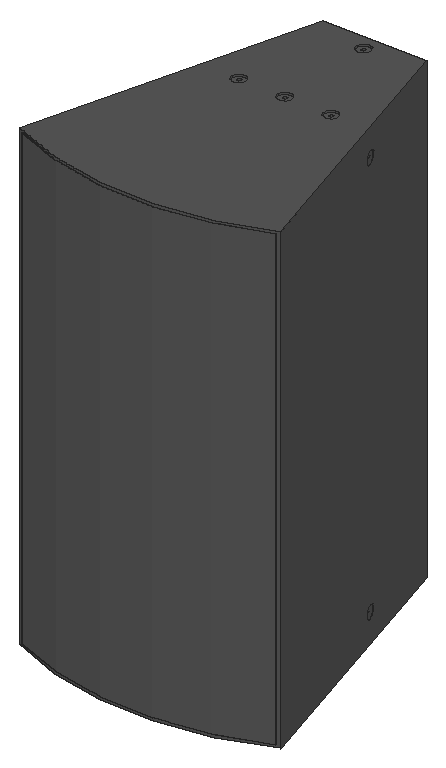
Revit family "1Electronics_Community-Point-Source_Biamp_IP8_1153WR", category Communication Devices, host Face, Revit 2020
Family settings
  Host = Face
  Maintain Annotation Orientation = No
  Round Connector Dimension = Use Diameter
  Part Type = Normal
  OmniClass Number = 23.85.10.11.14.14.14
  OmniClass Title = Loudspeakers
  Cut with Voids When Loaded = No
  Shared = No
  Room Calculation Point = No
Parameters (values of type "Please download type catalogue!")
  Width = 1' - 10 13/128"  # constant formula
  Weight = 105.00 lbf  # constant formula
  URL = "https://www.biamp.com/"
  Transducers = "LF – 1 x 15 (381mm) neodymium motor woofer, 3 (76mm) voice coil, demodulation ring; MF - M200HP, 2 exit, ketone polymer diaphragm, compression driver; HF – 1 x 1.4 (36mm) exit neodymium compression driver, 2.6 (66mm) voice coil, demodulation ring, ketone polymer diaphragm"  # constant formula
  Shipping Weight = 124.00 lbf  # constant formula
  Recommended Amplifiers = "LF - 600W - 1200W @ 8 ohms, (69V - 98V); MF - 150W - 300W @ 8 ohms (35V - 49V); HF - 125W - 250W @ 8 ohms (32V - 45V); MF/HF - 275W - 550W @ 8 ohms (47V - 66V)"  # constant formula
  Product data url = "https://www.bimobject.com/biamp/product/ip8-1153wr_community-point-source"
  Product Page URL = "https://www.biamp.com/products/product-families/community/point-source#ip8-1153wr"
  Product Documentation Link = "https://www.biamp.com/products/product-families/community/point-source#ip8-1153wr"
  Operating Range = ""
  Operating Mode = "Biamp or Triamp with DSP"  # constant formula
  Operating Environment = "Weather-Resistant Outdoor"  # constant formula
  Nominal Sensitivity = ""
  Nominal Maximum SPL (Whole Space) = ""
  Nominal Beamwidth (H x V) = ""
  Mounting Points = "15"  # constant formula
  Model = ""
  Manufacturer = "Biamp"  # constant formula
  Input Connection = "Screw terminal blocks (6-position)"  # constant formula
  Housing Material = Biamp - Plastic - Black
  Height = 3' - 3"  # constant formula
  Gril Material = Biamp - Plastic - Black(Grid)
  Equalized Sensitivity = "1W: 93 dB - 2.83V: 93 dB"  # constant formula
  Equalized Maximum SPL = "Peak: 127 dB - Continuous: 121 dB"  # constant formula
  Environmental = " IP55W per IEC 60529 "  # constant formula
  Description = "IP8-1153WR High Power 15-Inch Three-Way Weather-Resistant Installation Loudspeaker"  # constant formula
  Depth = 2' - 2.29921"  # constant formula
  Default Elevation = 4' - 0"
  Continuous Power Handling  Nominal Impedance = "LF - 69V, 600W @ 8 ohms (2400W peak); MF - 35V, 150W @ 8 ohms (600W peak); HF - 32V, 125W @ 8 ohms (500W peak); MF/HF - 47V, 275W @ 8 ohms (1100W peak)"  # constant formula
Reference planes (in)
  plane 1 "Center (Front/Back)": y = 0
  plane 2: z = 0
  plane 3 "Center (Left/Right)": x = 0
Forms (in)
  Extrusion 1, solid, material "Biamp - Plastic - Black" <- "Housing Material", detail levels medium+fine
    sketch origin (0.03766, 0, 0) x (1, 0, 0) y (0, 1, 0)
      loop
        arc (-11.08671, -14.10519) -> (-0.06069, -16.70647) -> (11.01234, -14.31325) r 25.69511
        line (11.01234, -14.31325) -> (4.20482, 9.59333) -> (-4.5268, 9.59333) -> (-11.08671, -14.10519)
    from 0 to 39
  Extrusion 2, void
    sketch origin (0.03766, -0.14197, 0) x (1, 0, 0) y (0, 1, 0)
      loop
        arc (10.67397, -14.10978) -> (-0.0608, -16.36764) -> (-10.75079, -13.90642) r 25.49826
        line (-10.75079, -13.90642) -> (-10.80409, -14.099)
        arc (-10.80409, -14.099) -> (-0.06001, -16.5645) -> (10.72846, -14.30115) r 25.69511
        line (10.72846, -14.30115) -> (10.67397, -14.10978)
    from 0.19685 to 38.80315
  Extrusion 3, void
    sketch origin (0, 0, 39) x (0, 1, 0) y (1, 0, 0)
      loop
        circle (0, -3.88574) r 0.59055
      loop
        circle (0, 0) r 0.59055
      loop
        circle (0, 3.88574) r 0.59055
      loop
        circle (8.26772, 0) r 0.59055
    from 0.09843 to 0
  Extrusion 4, void
    sketch origin (0, 0, 39) x (0, 1, 0) y (1, 0, 0)
      loop
        circle (0, -3.88574) r 0.15748
      loop
        circle (0, 0) r 0.15748
      loop
        circle (0, 3.88574) r 0.15748
      loop
        circle (8.26772, 0) r 0.15748
    from 0.19685 to 0.09843
  Extrusion 5, void
    sketch origin (4.55687, 8.48925, -0.11969) x (-0.273868, 0.961767, 0) y (0, 0, -1)
      loop
        circle (-8.43473, -2.47439) r 0.59055
      loop
        circle (-8.43473, -36.76499) r 0.59055
    from 0 to 0.09843
  Extrusion 6, void
    sketch origin (4.55687, 8.48925, -0.11969) x (-0.273868, 0.961767, 0) y (0, 0, -1)
      loop
        circle (-8.43473, -2.47439) r 0.15748
      loop
        circle (-8.43473, -36.76499) r 0.15748
    from 0.09843 to 0.19685
  Extrusion 7, void
    sketch origin (-9.29784, -7.77869, -0.01138) x (-0.266775, -0.963759, 0) y (0, 0, -1)
      loop
        circle (-8.58908, -2.3454) r 0.59055
      loop
        circle (-8.58908, -36.67736) r 0.59055
    from 0 to 0.09843
  Extrusion 8, void
    sketch origin (-9.29784, -7.77869, -0.01138) x (-0.266775, -0.963759, 0) y (0, 0, -1)
      loop
        circle (-8.58908, -2.3454) r 0.15748
      loop
        circle (-8.58908, -36.67736) r 0.15748
    from 0.09843 to 0.19685
  Extrusion 9, solid, material "Biamp - Plastic - Black(Grid)" <- "Gril Material", detail levels medium+fine
    sketch origin (0.03766, -0.14197, 0) x (1, 0, 0) y (0, 1, 0)
      loop
        arc (-10.80409, -14.099) -> (-0.06001, -16.5645) -> (10.72846, -14.30115) r 25.69511
        line (10.72846, -14.30115) -> (10.67397, -14.10978)
        arc (10.67397, -14.10978) -> (-0.0608, -16.36764) -> (-10.75079, -13.90642) r 25.49826
        line (-10.75079, -13.90642) -> (-10.80409, -14.099)
    from 0.19685 to 38.80315
  Extrusion 10, void
    sketch origin (-2.65672, 9.59333, 0) x (-1, 0, 0) y (0, 0, -1)
      loop
        circle (-2.65672, -19.5) r 0.59055
      loop
        circle (-2.65672, -2.39197) r 0.59055
      loop
        circle (-2.65672, -36.60803) r 0.59055
    from 0 to 0.09843
  Extrusion 11, void
    sketch origin (-2.65672, 9.59333, 0) x (-1, 0, 0) y (0, 0, -1)
      loop
        circle (-2.65672, -19.4623) r 0.15748
      loop
        circle (-2.65672, -2.39197) r 0.15748
      loop
        circle (-2.65672, -36.60803) r 0.15748
    from 0 to 0.19685
  Extrusion 12, void
    sketch origin (-2.65672, 9.59333, 0) x (-1, 0, 0) y (0, 0, -1)
      loop
        line (-4.83035, -12.09383) -> (-0.49964, -12.09383) -> (-0.49964, -5.00722) -> (-4.83035, -5.00722) -> (-4.83035, -12.09383)
    from 0 to 0.19685
  Extrusion 13, solid, material "Biamp - Plastic - Black" <- "Housing Material", detail levels medium+fine
    sketch origin (-2.65672, 9.59333, 0) x (1, 0, 0) y (0, 0, -1)
      loop
        line (0.49964, -12.09383) -> (4.83035, -12.09383) -> (4.83035, -5.00722) -> (0.49964, -5.00722) -> (0.49964, -12.09383)
    from 0 to -0.19685
  Extrusion 14, solid, material "Biamp - Plastic - Black" <- "Housing Material", detail levels coarse
    sketch origin (0.03766, 0, 0) x (1, 0, 0) y (0, 1, 0)
      loop
        line (-4.5268, 9.59333) -> (-11.08671, -14.1052)
        arc (-11.08671, -14.1052) -> (-0.06069, -16.70647) -> (11.01235, -14.31325) r 25.69511
        line (11.01235, -14.31325) -> (4.20482, 9.59333) -> (-4.5268, 9.59333)
    from 0 to 39
  Extrusion 15, solid, material "Biamp - Plastic - Black" <- "Housing Material", detail levels medium+fine
    sketch origin (-2.65672, 9.59333, 0) x (1, 0, 0) y (0, 0, -1)
      loop
        line (4.46661, -11.73413) -> (4.46661, -11.23413) -> (3.96661, -11.23413) -> (3.96661, -11.73413) -> (4.46661, -11.73413)
    from 0 to 0.00716
  Extrusion 16, solid, material "Biamp - Plastic - Black" <- "Housing Material", detail levels medium+fine
    sketch origin (-3.77108, 9.59333, -1) x (1, 0, 0) y (0, 0, -1)
      loop
        line (4.46661, -11.73413) -> (4.46661, -11.23413) -> (3.96661, -11.23413) -> (3.96661, -11.73413) -> (4.46661, -11.73413)
    from 0 to 0.00716
  Extrusion 17, solid, material "Biamp - Plastic - Black" <- "Housing Material", detail levels medium+fine
    sketch origin (-2.65672, 9.59333, -1) x (1, 0, 0) y (0, 0, -1)
      loop
        line (4.46661, -11.73413) -> (4.46661, -11.23413) -> (3.96661, -11.23413) -> (3.96661, -11.73413) -> (4.46661, -11.73413)
    from 0 to 0.00716
Cuts and joins
  Extrusion 2, Extrusion 3, Extrusion 4, Extrusion 5, Extrusion 6, Extrusion 7, Extrusion 8, Extrusion 10, Extrusion 11, Extrusion 12 cuts Extrusion 1
Lines and regions (in)
  Masking region 1
    outline origin (0.03766, 0, 0) x (1, 0, 0) y (0, 1, 0)
      loop
        line (-4.5268, 9.59333) -> (-11.08671, -14.10519)
        arc (-11.08671, -14.10519) -> (-0.06069, -16.70647) -> (11.01234, -14.31325) r 25.69511
        line (11.01234, -14.31325) -> (4.20482, 9.59333) -> (-4.5268, 9.59333)
  Masking region 2
    outline origin (0, 0, 0) x (1, 0, 0) y (0, 0, 1)
      loop
        line (-11.05208, 39) -> (-11.05208, 0) -> (11.01841, 0) -> (11.01841, 39) -> (-11.05208, 39)
  Masking region 3, detail levels medium+fine
    outline origin (0, 0, 0) x (1, 0, 0) y (0, 0, 1)
      loop
        line (-10.81851, 38.80315) -> (-10.81851, 0.19685) -> (10.78264, 0.19685) -> (10.78264, 38.80315) -> (-10.81851, 38.80315)
  Masking region 4
    outline origin (0, 0, 0) x (0, 1, 0) y (0, 0, 1)
      loop
        line (9.59333, 39) -> (-14.16846, 39) -> (-14.16846, 0) -> (9.59333, 0) -> (9.59333, 39)
  Masking region 5
    outline origin (0, 0, 0) x (0, 1, 0) y (0, 0, 1)
      loop
        line (-14.16846, 39) -> (-16.53543, 39) -> (-16.53543, 0) -> (-14.16846, 0) -> (-14.16846, 39)
  symbolic lines, detail levels medium+fine
    curve 1: arc (-0.59055, 8.26772, 0) -> (0, 7.67717, 0) -> (0.59055, 8.26772, 0) r 0.59055
    curve 2: arc (0.59055, 8.26772, 0) -> (0, 8.85827, 0) -> (-0.59055, 8.26772, 0) r 0.59055
    curve 3: arc (-0.59055, 0, 0) -> (0, -0.59055, 0) -> (0.59055, 0, 0) r 0.59055
    curve 4: arc (0.59055, 0, 0) -> (0, 0.59055, 0) -> (-0.59055, 0, 0) r 0.59055
    curve 5: arc (-3.29519, 0, 0) -> (-3.88574, 0.59055, 0) -> (-4.47629, 0, 0) r 0.59055
    curve 6: arc (-4.47629, 0, 0) -> (-3.88574, -0.59055, 0) -> (-3.29519, 0, 0) r 0.59055
    curve 7: arc (3.29519, 0, 0) -> (3.88574, -0.59055, 0) -> (4.47629, 0, 0) r 0.59055
    curve 8: arc (4.47629, 0, 0) -> (3.88574, 0.59055, 0) -> (3.29519, 0, 0) r 0.59055
    curve 9: arc (-0.15748, 0, 0) -> (0, -0.15748, 0) -> (0.15748, 0, 0) r 0.15748
    curve 10: arc (0.15748, 0, 0) -> (0, 0.15748, 0) -> (-0.15748, 0, 0) r 0.15748
    curve 11: arc (-4.04322, 0, 0) -> (-3.88574, -0.15748, 0) -> (-3.72826, 0, 0) r 0.15748
    curve 12: arc (-3.72826, 0, 0) -> (-3.88574, 0.15748, 0) -> (-4.04322, 0, 0) r 0.15748
    curve 13: arc (4.04322, 0, 0) -> (3.88574, 0.15748, 0) -> (3.72826, 0, 0) r 0.15748
    curve 14: arc (3.72826, 0, 0) -> (3.88574, -0.15748, 0) -> (4.04322, 0, 0) r 0.15748
    curve 15: arc (0.15748, 8.26772, 0) -> (0, 8.4252, 0) -> (-0.15748, 8.26772, 0) r 0.15748
    curve 16: arc (-0.15748, 8.26772, 0) -> (0, 8.11024, 0) -> (0.15748, 8.26772, 0) r 0.15748
    curve 17: spline (0, -0.08334, 2.33402) -> (0, -0.06394, 2.48687) -> (0, -0.00708, 2.62929) -> (0, 0.08336, 2.7516) -> (0, 0.20124, 2.84545) -> (0, 0.33851, 2.90445) -> (0, 0.48581, 2.92457) -> (0, 0.63312, 2.90445) -> (0, 0.77039, 2.84545) -> (0, 0.88826, 2.7516) -> (0, 0.97871, 2.62929) -> (0, 1.03557, 2.48687) -> (0, 1.05496, 2.33402)
    curve 18: spline (0, 1.05496, 2.33402) -> (0, 1.03557, 2.18117) -> (0, 0.97871, 2.03874) -> (0, 0.88826, 1.91644) -> (0, 0.77039, 1.82259) -> (0, 0.63312, 1.76359) -> (0, 0.48581, 1.74347) -> (0, 0.33851, 1.76359) -> (0, 0.20124, 1.82259) -> (0, 0.08336, 1.91644) -> (0, -0.00708, 2.03874) -> (0, -0.06394, 2.18117) -> (0, -0.08334, 2.33402)
    curve 19: spline (0, 0.61133, 2.33402) -> (0, 0.60616, 2.29326) -> (0, 0.59099, 2.25528) -> (0, 0.56688, 2.22266) -> (0, 0.53544, 2.19764) -> (0, 0.49884, 2.18191) -> (0, 0.45956, 2.17654) -> (0, 0.42027, 2.18191) -> (0, 0.38367, 2.19764) -> (0, 0.35224, 2.22266) -> (0, 0.32812, 2.25528) -> (0, 0.31295, 2.29326) -> (0, 0.30778, 2.33402)
    curve 20: spline (0, 0.30778, 2.33402) -> (0, 0.31295, 2.37478) -> (0, 0.32812, 2.41276) -> (0, 0.35224, 2.44537) -> (0, 0.38367, 2.4704) -> (0, 0.42027, 2.48613) -> (0, 0.45956, 2.4915) -> (0, 0.49884, 2.48613) -> (0, 0.53544, 2.4704) -> (0, 0.56688, 2.44537) -> (0, 0.59099, 2.41276) -> (0, 0.60616, 2.37478) -> (0, 0.61133, 2.33402)
    curve 21: spline (0, -0.08334, 36.66598) -> (0, -0.06394, 36.51313) -> (0, -0.00708, 36.37071) -> (0, 0.08336, 36.2484) -> (0, 0.20124, 36.15455) -> (0, 0.33851, 36.09555) -> (0, 0.48581, 36.07543) -> (0, 0.63312, 36.09555) -> (0, 0.77039, 36.15455) -> (0, 0.88826, 36.2484) -> (0, 0.97871, 36.37071) -> (0, 1.03557, 36.51313) -> (0, 1.05496, 36.66598)
    curve 22: spline (0, 1.05496, 36.66598) -> (0, 1.03557, 36.81883) -> (0, 0.97871, 36.96126) -> (0, 0.88826, 37.08356) -> (0, 0.77039, 37.17741) -> (0, 0.63312, 37.23641) -> (0, 0.48581, 37.25653) -> (0, 0.33851, 37.23641) -> (0, 0.20124, 37.17741) -> (0, 0.08336, 37.08356) -> (0, -0.00708, 36.96126) -> (0, -0.06394, 36.81883) -> (0, -0.08334, 36.66598)
    curve 23: spline (0, 0.61133, 36.66598) -> (0, 0.60616, 36.70674) -> (0, 0.59099, 36.74472) -> (0, 0.56688, 36.77734) -> (0, 0.53544, 36.80236) -> (0, 0.49884, 36.81809) -> (0, 0.45956, 36.82346) -> (0, 0.42027, 36.81809) -> (0, 0.38367, 36.80236) -> (0, 0.35224, 36.77734) -> (0, 0.32812, 36.74472) -> (0, 0.31295, 36.70674) -> (0, 0.30778, 36.66598)
    curve 24: spline (0, 0.30778, 36.66598) -> (0, 0.31295, 36.62522) -> (0, 0.32812, 36.58724) -> (0, 0.35224, 36.55463) -> (0, 0.38367, 36.5296) -> (0, 0.42027, 36.51387) -> (0, 0.45956, 36.5085) -> (0, 0.49884, 36.51387) -> (0, 0.53544, 36.5296) -> (0, 0.56688, 36.55463) -> (0, 0.59099, 36.58724) -> (0, 0.60616, 36.62522) -> (0, 0.61133, 36.66598)
Dimensions and locks (in)
  aligned and locked: plane 2 to host face
  aligned and locked: level to host face
Connectors (in)
  electrical at (1.55989, 9.60048, 11.48413)
    settings: on Extrusion 15, index 1, voltage 69 V, apparent load 0 VA, apparent load phase1 2400 VA, apparent load phase2 0 VA, apparent load phase3 0 VA, power factor 1, load classification "Other", number of poles 1, system type 5, power factor state 1, is connector primary yes, connector utility no, sub classification motor no, connector description "Screw terminal blocks; Biamp input"
  electrical at (0.44553, 9.60048, 10.48413)
    settings: on Extrusion 16, index 2, voltage 0 V, apparent load 0 VA, apparent load phase1 0 VA, apparent load phase2 0 VA, apparent load phase3 0 VA, power factor 1, load classification "Other", number of poles 1, system type 5, power factor state 1, is connector primary no, connector utility no, sub classification motor no, connector description "Screw terminal blocks; Triamp MF, HF input"
  electrical at (1.55989, 9.60048, 10.48413)
    settings: on Extrusion 17, index 3, voltage 69 V, apparent load 0 VA, apparent load phase1 2400 VA, apparent load phase2 0 VA, apparent load phase3 0 VA, power factor 1, load classification "Other", number of poles 1, system type 5, power factor state 1, is connector primary no, connector utility no, sub classification motor no, connector description "Screw terminal blocks; LF input"
